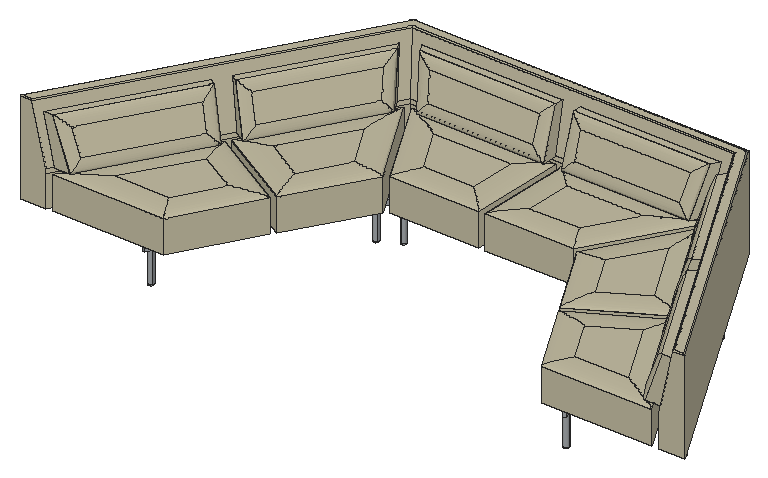
Revit family
Parameters
  URL = "http://www.martinbrattrud.com"
  SCS Certified Product = "Yes"
  Model = "Reveal 981-165 A"
  Manufacturer = "Martin Brattrud, Inc."
  Leg = none
  Keynote = "125000"
  Copyright = "© 2013 Martin Brattrud, Inc."
  Chair [instance] = none
  Back Cushion [instance] = none
  Authoring Version = "Revit Architecture 2010"
  Assembly Code = "E2020200"
Reference planes
  plane 1 "Center Front/Back": y = 0
  plane 2: z = 0
  plane 3 "Center Left/Right": x = 0
  plane 4: z = 806.45
  plane 5: z = 742.95
Forms (mm)
  Sweep 1, solid, material <- "Chair"
    path in 3D
      loop
        line (-19.05, -390.525, 431.8) -> (-19.05, 212.725, 431.8) -> (-926.137, 212.725, 431.8) -> (-577.85, -390.525, 431.8) -> (-19.05, -390.525, 431.8)
    profile origin (-298.45, -390.525, 431.8) x (0, 1, 0) y (0, 0, 1)
      loop
        line (153.194, 0) -> (153.194, 19.05)
        spline (153.194, 19.05) -> (133.302, 18.887) -> (113.75, 18.401) -> (94.873, 17.6) -> (76.994, 16.498) -> (60.419, 15.113) -> (45.431, 13.47) -> (32.287, 11.597) -> (21.211, 9.525) -> (12.395, 7.29) -> (5.987, 4.931) -> (2.098, 2.487) -> (0.794, 0)
        line (0.794, 0) -> (153.194, 0)
  Extrusion 2, solid, material <- "Leg"
    sketch origin (0, 0, 0) x (1, 0, 0) y (0, 1, 0)
      loop
        line (-603.25, 365.125) -> (-603.25, 146.05) -> (-909.639, 146.05) -> (-1062.833, -119.29) -> (-1252.558, -9.753) -> (-1262.083, -26.251) -> (-1072.358, -135.788) -> (-1656.558, -1147.652) -> (-1846.283, -1038.115) -> (-1855.808, -1054.613) -> (-1319.63, -1364.175) -> (-1333.917, -1388.922) -> (-1317.419, -1398.447) -> (-667.671, -273.05) -> (667.671, -273.05) -> (1317.419, -1398.447) -> (1333.917, -1388.922) -> (1319.63, -1364.175) -> (1855.808, -1054.613) -> (1846.283, -1038.115) -> (1656.558, -1147.652) -> (1072.358, -135.788) -> (1262.083, -26.251) -> (1252.558, -9.753) -> (1062.833, -119.29) -> (909.639, 146.05) -> (603.25, 146.05) -> (603.25, 365.125) -> (584.2, 365.125) -> (584.2, 146.05) -> (-584.2, 146.05) -> (-584.2, 365.125) -> (-603.25, 365.125)
      loop
        line (-584.2, -254) -> (-127, -254) -> (-127, 127) -> (-584.2, 127) -> (-584.2, -254)
      loop
        line (-603.25, -254) -> (-603.25, 127) -> (-898.64, 127) -> (-1046.335, -128.815) -> (-716.38, -319.315) -> (-678.67, -254) -> (-603.25, -254)
      loop
        line (-107.95, 127) -> (-107.95, -254) -> (107.95, -254) -> (107.95, 127) -> (-107.95, 127)
      loop
        line (584.2, -254) -> (584.2, 127) -> (127, 127) -> (127, -254) -> (584.2, -254)
      loop
        line (-725.905, -335.813) -> (-1055.86, -145.313) -> (-1284.46, -541.26) -> (-954.505, -731.76) -> (-725.905, -335.813)
      loop
        line (-1401.935, -744.733) -> (-1071.98, -935.233) -> (-964.03, -748.258) -> (-1293.985, -557.758) -> (-1401.935, -744.733)
      loop
        line (-1081.505, -951.731) -> (-1411.46, -761.231) -> (-1640.06, -1157.177) -> (-1310.105, -1347.677) -> (-1081.505, -951.731)
      loop
        line (603.25, -254) -> (678.67, -254) -> (716.38, -319.315) -> (1046.335, -128.815) -> (898.64, 127) -> (603.25, 127) -> (603.25, -254)
      loop
        line (725.905, -335.813) -> (954.505, -731.76) -> (1284.46, -541.26) -> (1055.86, -145.313) -> (725.905, -335.813)
      loop
        line (1401.935, -744.733) -> (1293.985, -557.758) -> (964.03, -748.258) -> (1071.98, -935.233) -> (1401.935, -744.733)
      loop
        line (1081.505, -951.731) -> (1310.105, -1347.677) -> (1640.06, -1157.177) -> (1411.46, -761.231) -> (1081.505, -951.731)
    from 190.472 to 228.6
  Extrusion 3, solid, material <- "Leg"
    sketch origin (0, 0, 0) x (1, 0, 0) y (0, 1, 0)
      loop
        line (-584.2, 276.225) -> (584.2, 276.225) -> (584.2, 352.425) -> (-584.2, 352.425) -> (-584.2, 276.225)
      loop
        line (-1769.293, -1082.565) -> (-1185.093, -70.701) -> (-1251.084, -32.601) -> (-1835.284, -1044.465) -> (-1769.293, -1082.565)
      loop
        line (1769.293, -1082.565) -> (1835.284, -1044.465) -> (1251.084, -32.601) -> (1185.093, -70.701) -> (1769.293, -1082.565)
    from 203.2 to 228.6
  Sweep 4, solid, material <- "Chair"
    path origin (0, 0, 0) x (1, 0, 0) y (0, 1, 0)
      loop
        line (2090.574, -1410.441) -> (1050.786, 390.525) -> (-1050.786, 390.525) -> (-2090.574, -1410.441)
    profile origin (0, 390.525, 0) x (0, -1, 0) y (0, 0, 1)
      loop
        line (0, 806.45) -> (0, 228.6) -> (139.7, 228.6) -> (139.7, 425.224)
        arc (139.7, 425.224) -> (138.99, 439.189) -> (136.866, 453.01) r 137.64
        line (136.866, 453.01) -> (64.015, 806.45) -> (0, 806.45)
  Extrusion 5, solid, material <- "Chair"
    sketch origin (0, 0, 0) x (1, 0, 0) y (0, 1, 0)
      loop
        line (-1431.725, -624.881) -> (-1885.269, -1410.441) -> (-1188.696, -1410.441) -> (-909.296, -926.506) -> (-1431.725, -624.881)
      loop
        line (-610.846, -409.575) -> (-959.132, 193.675) -> (-1412.675, -591.885) -> (-890.246, -893.51) -> (-610.846, -409.575)
      loop
        line (-926.137, 212.725) -> (-577.85, -390.525) -> (-19.05, -390.525) -> (-19.05, 212.725) -> (-926.137, 212.725)
      loop
        line (1431.725, -624.881) -> (909.296, -926.506) -> (1188.696, -1410.441) -> (1885.269, -1410.441) -> (1431.725, -624.881)
      loop
        line (610.846, -409.575) -> (890.246, -893.51) -> (1412.675, -591.885) -> (959.132, 193.675) -> (610.846, -409.575)
      loop
        line (926.137, 212.725) -> (19.05, 212.725) -> (19.05, -390.525) -> (577.85, -390.525) -> (926.137, 212.725)
    from 228.6 to 431.8
  Extrusion 6, solid, material <- "Chair"
    sketch origin (0, 0, 0) x (1, 0, 0) y (0, 1, 0)
      loop
        line (-660.797, 59.531) -> (-489.404, -237.331) -> (-172.244, -237.331) -> (-172.244, 59.531) -> (-660.797, 59.531)
    from 431.8 to 450.85
  Sweep 7, solid, material <- "Chair"
    path in 3D
      loop
        line (19.05, -390.525, 431.8) -> (19.05, 212.725, 431.8) -> (926.137, 212.725, 431.8) -> (577.85, -390.525, 431.8) -> (19.05, -390.525, 431.8)
    profile origin (298.45, -390.525, 431.8) x (0, -1, 0) y (0, 0, 1)
      loop
        line (-153.194, 0) -> (-0.794, 0)
        spline (-0.794, 0) -> (-2.098, 2.487) -> (-5.987, 4.931) -> (-12.395, 7.29) -> (-21.211, 9.525) -> (-32.287, 11.597) -> (-45.431, 13.47) -> (-60.419, 15.113) -> (-76.994, 16.498) -> (-94.873, 17.6) -> (-113.75, 18.401) -> (-133.302, 18.887) -> (-153.194, 19.05)
        line (-153.194, 19.05) -> (-153.194, 0)
  Extrusion 8, solid, material <- "Chair"
    sketch origin (0, 0, 0) x (-1, 0, 0) y (0, -1, 0)
      loop
        line (-660.797, -59.531) -> (-172.244, -59.531) -> (-172.244, 237.331) -> (-489.404, 237.331) -> (-660.797, -59.531)
    from 431.8 to 450.85
  Sweep 9, solid, material <- "Chair"
    path in 3D
      loop
        line (-909.296, -926.506, 431.8) -> (-1431.725, -624.881, 431.8) -> (-1885.269, -1410.441, 431.8) -> (-1188.696, -1410.441, 431.8) -> (-909.296, -926.506, 431.8)
    profile origin (-1048.996, -1168.473, 431.8) x (-0.866025, 0.5, 0) y (0, 0, 1)
      loop
        line (153.194, 0) -> (153.194, 19.05)
        spline (153.194, 19.05) -> (133.302, 18.887) -> (113.75, 18.401) -> (94.873, 17.6) -> (76.994, 16.498) -> (60.419, 15.113) -> (45.431, 13.47) -> (32.287, 11.597) -> (21.211, 9.525) -> (12.395, 7.29) -> (5.987, 4.931) -> (2.098, 2.487) -> (0.794, 0)
        line (0.794, 0) -> (153.194, 0)
  Extrusion 10, solid, material <- "Chair"
    sketch origin (-1237.975, -714.745, 0) x (0.5, 0.866025, 0) y (-0.866025, 0.5, 0)
      loop
        line (-660.797, 59.531) -> (-489.404, -237.331) -> (-172.244, -237.331) -> (-172.244, 59.531) -> (-660.797, 59.531)
    from 431.8 to 450.85
  Sweep 11, solid, material <- "Chair"
    path in 3D
      loop
        line (-890.246, -893.51, 431.8) -> (-1412.675, -591.885, 431.8) -> (-959.132, 193.675, 431.8) -> (-610.846, -409.575, 431.8) -> (-890.246, -893.51, 431.8)
    profile origin (-750.546, -651.542, 431.8) x (0.866025, -0.5, 0) y (0, 0, 1)
      loop
        line (-153.194, 0) -> (-0.794, 0)
        spline (-0.794, 0) -> (-2.098, 2.487) -> (-5.987, 4.931) -> (-12.395, 7.29) -> (-21.211, 9.525) -> (-32.287, 11.597) -> (-45.431, 13.47) -> (-60.419, 15.113) -> (-76.994, 16.498) -> (-94.873, 17.6) -> (-113.75, 18.401) -> (-133.302, 18.887) -> (-153.194, 19.05)
        line (-153.194, 19.05) -> (-153.194, 0)
  Extrusion 12, solid, material <- "Chair"
    sketch origin (-1237.975, -714.745, 0) x (-0.5, -0.866025, 0) y (0.866025, -0.5, 0)
      loop
        line (-660.797, -59.531) -> (-172.244, -59.531) -> (-172.244, 237.331) -> (-489.404, 237.331) -> (-660.797, -59.531)
    from 431.8 to 450.85
  Sweep 13, solid, material <- "Chair"
    path in 3D
      loop
        line (909.296, -926.506, 431.8) -> (1431.725, -624.881, 431.8) -> (1885.269, -1410.441, 431.8) -> (1188.696, -1410.441, 431.8) -> (909.296, -926.506, 431.8)
    profile origin (1048.996, -1168.473, 431.8) x (-0.866025, -0.5, 0) y (0, 0, 1)
      loop
        line (-153.194, 0) -> (-0.794, 0)
        spline (-0.794, 0) -> (-2.098, 2.487) -> (-5.987, 4.931) -> (-12.395, 7.29) -> (-21.211, 9.525) -> (-32.287, 11.597) -> (-45.431, 13.47) -> (-60.419, 15.113) -> (-76.994, 16.498) -> (-94.873, 17.6) -> (-113.75, 18.401) -> (-133.302, 18.887) -> (-153.194, 19.05)
        line (-153.194, 19.05) -> (-153.194, 0)
  Extrusion 14, solid, material <- "Chair"
    sketch origin (1237.975, -714.745, 0) x (-0.5, 0.866025, 0) y (-0.866025, -0.5, 0)
      loop
        line (-660.797, -59.531) -> (-172.244, -59.531) -> (-172.244, 237.331) -> (-489.404, 237.331) -> (-660.797, -59.531)
    from 431.8 to 450.85
  Sweep 15, solid, material <- "Chair"
    path in 3D
      loop
        line (890.246, -893.51, 431.8) -> (1412.675, -591.885, 431.8) -> (959.132, 193.675, 431.8) -> (610.846, -409.575, 431.8) -> (890.246, -893.51, 431.8)
    profile origin (750.546, -651.542, 431.8) x (0.866025, 0.5, 0) y (0, 0, 1)
      loop
        line (153.194, 0) -> (153.194, 19.05)
        spline (153.194, 19.05) -> (133.302, 18.887) -> (113.75, 18.401) -> (94.873, 17.6) -> (76.994, 16.498) -> (60.419, 15.113) -> (45.431, 13.47) -> (32.287, 11.597) -> (21.211, 9.525) -> (12.395, 7.29) -> (5.987, 4.931) -> (2.098, 2.487) -> (0.794, 0)
        line (0.794, 0) -> (153.194, 0)
  Extrusion 16, solid, material <- "Chair"
    sketch origin (1237.975, -714.745, 0) x (0.5, -0.866025, 0) y (0.866025, 0.5, 0)
      loop
        line (-660.797, 59.531) -> (-489.404, -237.331) -> (-172.244, -237.331) -> (-172.244, 59.531) -> (-660.797, 59.531)
    from 431.8 to 450.85
  Sweep 17, solid, material <- "Chair"
    path origin (0, 0, 0) x (1, 0, 0) y (0, 1, 0)
      loop
        line (-1970.603, -1381.855) -> (-999.053, 300.919) -> (999.053, 300.919) -> (1973.778, -1387.354)
    profile origin (0, 300.919, 0) x (0, 1, 0) y (0, 0, 1)
      loop
        line (-48.848, 447.17) -> (11.395, 742.938) -> (-40.04, 742.938) -> (-136.165, 447.17) -> (-48.848, 447.17)
  Extrusion 18, void
    sketch origin (0, 0, 0) x (1, 0, 0) y (0, 1, 0)
      loop
        line (-1537.023, -608.081) -> (-1401.282, -686.451) -> (-1344.132, -587.464) -> (-1479.873, -509.095) -> (-1537.023, -608.081)
      loop
        line (-930.152, 67.28) -> (-831.165, 124.43) -> (-956.138, 340.89) -> (-1055.125, 283.74) -> (-930.152, 67.28)
      loop
        line (-1797.28, -1372.341) -> (-1984.46, -1372.341) -> (-1984.46, -1467.591) -> (-1797.28, -1467.591) -> (-1797.28, -1372.341)
      loop
        line (1549.316, -600.984) -> (1492.166, -501.997) -> (1344.132, -587.464) -> (1401.282, -686.451) -> (1549.316, -600.984)
      loop
        line (930.152, 67.28) -> (1063.321, 297.935) -> (964.334, 355.085) -> (831.165, 124.43) -> (930.152, 67.28)
      loop
        line (1797.28, -1372.341) -> (1797.28, -1467.591) -> (1991.491, -1467.591) -> (1991.491, -1372.341) -> (1797.28, -1372.341)
      loop
        line (-57.15, 312.315) -> (-57.15, 155.575) -> (57.15, 155.575) -> (57.15, 312.315) -> (-57.15, 312.315)
    from 447.17 to 844.552
  Sweep 19, solid, material <- "Chair"
    path in 3D
      loop
        line (2035.136, -1442.448, 806.45) -> (1013.827, 326.51, 806.45) -> (-1013.827, 326.51, 806.45) -> (-2035.136, -1442.448, 806.45)
    profile origin (0, 326.51, 806.45) x (0, -1, 0) y (0, 0, 1)
      loop
        line (-7.144, 6.35) -> (-56.78, 6.35)
        arc (-56.78, 6.35) -> (-61.27, 4.49) -> (-63.13, 0) r 6.35
        line (-63.13, 0) -> (-0.794, 0)
        arc (-0.794, 0) -> (-2.654, 4.49) -> (-7.144, 6.35) r 6.35
  Extrusion 20, void
    sketch origin (0, -938.609, 0) x (0, 1, 0) y (0, 0, 1)
      loop
        line (-471.831, 806.45) -> (-471.037, 806.45)
        arc (-471.037, 806.45) -> (-469.178, 810.94) -> (-464.687, 812.8) r 6.35
        line (-464.687, 812.8) -> (-464.687, 819.15) -> (-560.731, 819.15) -> (-560.731, 0) -> (-471.831, 0) -> (-471.831, 806.45)
    from -2133.6 to 2133.6
  Sweep 21, solid
    path in 3D
      loop
        line (-57.15, 260.879, 742.938) -> (-57.15, 164.755, 447.17) -> (-854.447, 164.755, 447.17) -> (-909.944, 260.879, 742.938) -> (-57.15, 260.879, 742.938)
    profile origin (-483.547, 260.879, 742.938) x (0, 1, 0) y (0, 0, 1)
      loop
        spline (0, 0) -> (-2.005, -0.005) -> (-4.362, -1.199) -> (-7.03, -3.56) -> (-9.964, -7.049) -> (-13.114, -11.605) -> (-16.426, -17.151) -> (-19.842, -23.592) -> (-23.306, -30.818) -> (-26.757, -38.705) -> (-30.136, -47.117) -> (-33.386, -55.912) -> (-36.451, -64.938)
        line (-36.451, -64.938) -> (-59.022, -134.388) -> (-45.142, -138.899) -> (0, 0)
  Extrusion 22, solid
    sketch origin (0, 0, 0) x (0, 1, 0) y (0, 0, 1)
      loop
        line (209.897, 586.069) -> (215.737, 604.039) -> (201.857, 608.55) -> (196.017, 590.58) -> (209.897, 586.069)
    from -735.524 to -203.2
  Sweep 23, solid
    path in 3D
      loop
        line (57.15, 260.879, 742.938) -> (57.15, 164.755, 447.17) -> (854.447, 164.755, 447.17) -> (909.944, 260.879, 742.938) -> (57.15, 260.879, 742.938)
    profile origin (483.547, 260.879, 742.938) x (0, -1, 0) y (0, 0, 1)
      loop
        line (0, 0) -> (45.142, -138.899) -> (59.022, -134.388) -> (36.451, -64.938)
        spline (36.451, -64.938) -> (33.386, -55.912) -> (30.136, -47.117) -> (26.757, -38.705) -> (23.306, -30.818) -> (19.842, -23.592) -> (16.426, -17.151) -> (13.114, -11.605) -> (9.964, -7.049) -> (7.03, -3.56) -> (4.362, -1.199) -> (2.005, -0.005) -> (0, 0)
  Extrusion 24, solid
    sketch origin (0, 0, 0) x (0, 1, 0) y (0, 0, -1)
      loop
        line (209.897, -586.069) -> (196.017, -590.58) -> (201.857, -608.55) -> (215.737, -604.039) -> (209.897, -586.069)
    from -735.524 to -203.2
  Sweep 25, solid
    path in 3D
      loop
        line (-1492.478, -633.799, 742.938) -> (-1409.232, -681.861, 447.17) -> (-1807.881, -1372.341, 447.17) -> (-1918.875, -1372.341, 742.938) -> (-1492.478, -633.799, 742.938)
    profile origin (-1705.677, -1003.07, 742.938) x (-0.866025, 0.5, 0) y (0, 0, 1)
      loop
        spline (0, 0) -> (-2.005, -0.005) -> (-4.362, -1.199) -> (-7.03, -3.56) -> (-9.964, -7.049) -> (-13.114, -11.605) -> (-16.426, -17.151) -> (-19.842, -23.592) -> (-23.306, -30.818) -> (-26.757, -38.705) -> (-30.136, -47.117) -> (-33.386, -55.912) -> (-36.451, -64.938)
        line (-36.451, -64.938) -> (-59.022, -134.388) -> (-45.142, -138.899) -> (0, 0)
  Extrusion 26, solid
    sketch origin (-1237.975, -714.745, 0) x (-0.866025, 0.5, 0) y (0, 0, 1)
      loop
        line (209.897, 586.069) -> (215.737, 604.039) -> (201.857, 608.55) -> (196.017, 590.58) -> (209.897, 586.069)
    from -735.524 to -203.2
  Sweep 27, solid
    path in 3D
      loop
        line (-1435.328, -534.812, 742.938) -> (-1352.082, -582.874, 447.17) -> (-953.434, 107.605, 447.17) -> (-1008.931, 203.729, 742.938) -> (-1435.328, -534.812, 742.938)
    profile origin (-1222.13, -165.541, 742.938) x (0.866025, -0.5, 0) y (0, 0, 1)
      loop
        line (0, 0) -> (45.142, -138.899) -> (59.022, -134.388) -> (36.451, -64.938)
        spline (36.451, -64.938) -> (33.386, -55.912) -> (30.136, -47.117) -> (26.757, -38.705) -> (23.306, -30.818) -> (19.842, -23.592) -> (16.426, -17.151) -> (13.114, -11.605) -> (9.964, -7.049) -> (7.03, -3.56) -> (4.362, -1.199) -> (2.005, -0.005) -> (0, 0)
  Extrusion 28, solid
    sketch origin (-1237.975, -714.745, 0) x (-0.866025, 0.5, 0) y (0, 0, -1)
      loop
        line (209.897, -586.069) -> (196.017, -590.58) -> (201.857, -608.55) -> (215.737, -604.039) -> (209.897, -586.069)
    from -735.524 to -203.2
  Sweep 29, solid
    path in 3D
      loop
        line (1492.478, -633.799, 742.938) -> (1409.232, -681.861, 447.17) -> (1807.881, -1372.341, 447.17) -> (1918.875, -1372.341, 742.938) -> (1492.478, -633.799, 742.938)
    profile origin (1705.677, -1003.07, 742.938) x (-0.866025, -0.5, 0) y (0, 0, 1)
      loop
        line (0, 0) -> (45.142, -138.899) -> (59.022, -134.388) -> (36.451, -64.938)
        spline (36.451, -64.938) -> (33.386, -55.912) -> (30.136, -47.117) -> (26.757, -38.705) -> (23.306, -30.818) -> (19.842, -23.592) -> (16.426, -17.151) -> (13.114, -11.605) -> (9.964, -7.049) -> (7.03, -3.56) -> (4.362, -1.199) -> (2.005, -0.005) -> (0, 0)
  Sweep 30, solid
    path in 3D
      loop
        line (1435.328, -534.812, 742.938) -> (1352.082, -582.874, 447.17) -> (953.434, 107.605, 447.17) -> (1008.931, 203.729, 742.938) -> (1435.328, -534.812, 742.938)
    profile origin (1222.13, -165.541, 742.938) x (0.866025, 0.5, 0) y (0, 0, 1)
      loop
        spline (0, 0) -> (-2.005, -0.005) -> (-4.362, -1.199) -> (-7.03, -3.56) -> (-9.964, -7.049) -> (-13.114, -11.605) -> (-16.426, -17.151) -> (-19.842, -23.592) -> (-23.306, -30.818) -> (-26.757, -38.705) -> (-30.136, -47.117) -> (-33.386, -55.912) -> (-36.451, -64.938)
        line (-36.451, -64.938) -> (-59.022, -134.388) -> (-45.142, -138.899) -> (0, 0)
  Extrusion 31, solid
    sketch origin (1237.975, -714.745, 0) x (0.866025, 0.5, 0) y (0, 0, 1)
      loop
        line (209.897, 586.069) -> (215.737, 604.039) -> (201.857, 608.55) -> (196.017, 590.58) -> (209.897, 586.069)
    from -735.524 to -203.2
  Extrusion 32, solid
    sketch origin (1237.975, -714.745, 0) x (0.866025, 0.5, 0) y (0, 0, -1)
      loop
        line (209.897, -586.069) -> (196.017, -590.58) -> (201.857, -608.55) -> (215.737, -604.039) -> (209.897, -586.069)
    from -735.524 to -203.2
Cuts and joins
  Extrusion 18 cuts Sweep 17
  Extrusion 20 cuts Sweep 13
  Extrusion 20 cuts Extrusion 14
  joined: Sweep 13, Extrusion 14
  joined: Sweep 15, Extrusion 16
  joined: Sweep 7, Extrusion 8
  joined: Sweep 1, Extrusion 6
  joined: Sweep 11, Extrusion 12
  Extrusion 20 cuts Sweep 9
  Extrusion 20 cuts Extrusion 10
  joined: Sweep 9, Extrusion 10
  Extrusion 20 cuts Sweep 4
  Extrusion 20 cuts Extrusion 5
  Extrusion 20 cuts Sweep 19
  joined: Sweep 21, Extrusion 22
  joined: Sweep 23, Extrusion 24
  joined: Sweep 27, Extrusion 28
  joined: Sweep 25, Extrusion 26
  joined: Sweep 30, Extrusion 31
  joined: Sweep 29, Extrusion 32
Lines and regions (mm)
  sketch lines
    curve 1: line (-577.85, -390.525, 431.8) -> (-19.05, -390.525, 431.8)
    curve 2: line (-926.137, 212.725, 431.8) -> (-577.85, -390.525, 431.8)
    curve 3: line (-19.05, 212.725, 431.8) -> (-926.137, 212.725, 431.8)
    curve 4: line (-19.05, -390.525, 431.8) -> (-19.05, 212.725, 431.8)
    curve 5: line (577.85, -390.525, 431.8) -> (19.05, -390.525, 431.8)
    curve 6: line (926.137, 212.725, 431.8) -> (577.85, -390.525, 431.8)
    curve 7: line (19.05, 212.725, 431.8) -> (926.137, 212.725, 431.8)
    curve 8: line (19.05, -390.525, 431.8) -> (19.05, 212.725, 431.8)
    curve 9: line (-1188.696, -1410.441, 431.8) -> (-909.296, -926.506, 431.8)
    curve 10: line (-1885.269, -1410.441, 431.8) -> (-1188.696, -1410.441, 431.8)
    curve 11: line (-1431.725, -624.881, 431.8) -> (-1885.269, -1410.441, 431.8)
    curve 12: line (-909.296, -926.506, 431.8) -> (-1431.725, -624.881, 431.8)
    curve 13: line (-610.846, -409.575, 431.8) -> (-890.246, -893.51, 431.8)
    curve 14: line (-959.132, 193.675, 431.8) -> (-610.846, -409.575, 431.8)
    curve 15: line (-1412.675, -591.885, 431.8) -> (-959.132, 193.675, 431.8)
    curve 16: line (-890.246, -893.51, 431.8) -> (-1412.675, -591.885, 431.8)
    curve 17: line (1188.696, -1410.441, 431.8) -> (909.296, -926.506, 431.8)
    curve 18: line (1885.269, -1410.441, 431.8) -> (1188.696, -1410.441, 431.8)
    curve 19: line (1431.725, -624.881, 431.8) -> (1885.269, -1410.441, 431.8)
    curve 20: line (909.296, -926.506, 431.8) -> (1431.725, -624.881, 431.8)
    curve 21: line (610.846, -409.575, 431.8) -> (890.246, -893.51, 431.8)
    curve 22: line (959.132, 193.675, 431.8) -> (610.846, -409.575, 431.8)
    curve 23: line (1412.675, -591.885, 431.8) -> (959.132, 193.675, 431.8)
    curve 24: line (890.246, -893.51, 431.8) -> (1412.675, -591.885, 431.8)
    curve 25: line (1013.827, 326.51, 806.45) -> (-1013.827, 326.51, 806.45)
    curve 26: line (-1013.827, 326.51, 806.45) -> (-2035.136, -1442.448, 806.45)
    curve 27: line (2035.136, -1442.448, 806.45) -> (1013.827, 326.51, 806.45)
    curve 28: line (-909.944, 260.879, 742.938) -> (-57.15, 260.879, 742.938)
    curve 29: line (-909.944, 260.879, 742.938) -> (-854.447, 164.755, 447.17)
    curve 30: line (-854.447, 164.755, 447.17) -> (-57.15, 164.755, 447.17)
    curve 31: line (-57.15, 164.755, 447.17) -> (-57.15, 260.879, 742.938)
    curve 32: line (909.944, 260.879, 742.938) -> (57.15, 260.879, 742.938)
    curve 33: line (909.944, 260.879, 742.938) -> (854.447, 164.755, 447.17)
    curve 34: line (854.447, 164.755, 447.17) -> (57.15, 164.755, 447.17)
    curve 35: line (57.15, 164.755, 447.17) -> (57.15, 260.879, 742.938)
    curve 36: line (-1918.875, -1372.341, 742.938) -> (-1492.478, -633.799, 742.938)
    curve 37: line (-1918.875, -1372.341, 742.938) -> (-1807.881, -1372.341, 447.17)
    curve 38: line (-1807.881, -1372.341, 447.17) -> (-1409.232, -681.861, 447.17)
    curve 39: line (-1409.232, -681.861, 447.17) -> (-1492.478, -633.799, 742.938)
    curve 40: line (-1008.931, 203.729, 742.938) -> (-1435.328, -534.812, 742.938)
    curve 41: line (-1008.931, 203.729, 742.938) -> (-953.434, 107.605, 447.17)
    curve 42: line (-953.434, 107.605, 447.17) -> (-1352.082, -582.874, 447.17)
    curve 43: line (-1352.082, -582.874, 447.17) -> (-1435.328, -534.812, 742.938)
    curve 44: line (1918.875, -1372.341, 742.938) -> (1492.478, -633.799, 742.938)
    curve 45: line (1918.875, -1372.341, 742.938) -> (1807.881, -1372.341, 447.17)
    curve 46: line (1807.881, -1372.341, 447.17) -> (1409.232, -681.861, 447.17)
    curve 47: line (1409.232, -681.861, 447.17) -> (1492.478, -633.799, 742.938)
    curve 48: line (1008.931, 203.729, 742.938) -> (1435.328, -534.812, 742.938)
    curve 49: line (1008.931, 203.729, 742.938) -> (953.434, 107.605, 447.17)
    curve 50: line (953.434, 107.605, 447.17) -> (1352.082, -582.874, 447.17)
    curve 51: line (1352.082, -582.874, 447.17) -> (1435.328, -534.812, 742.938)
Dimensions and locks
  aligned and locked: Extrusion 22 sketch curve to Sweep 21
  aligned and locked: Extrusion 26 sketch curve to Sweep 25
Nested families
  nested 1: "Reveal Leg" at (-593.725, 320.675, 0), type "Reveal Leg"
  nested 2: "Reveal Leg" at (593.725, 320.675, 0) x (-1, 0, 0) z (0, 0, 1), type "Reveal Leg"
  nested 3: "Reveal Leg" at (593.677, -263.525, 0) x (-1, 0, 0) z (0, 0, 1), type "Reveal Leg"
  nested 4: "Reveal Leg" at (-593.677, -263.525, 0), type "Reveal Leg"
  nested 5: "Reveal Leg" at (-712.917, -332.368, 0) x (-0.5, -0.866, 0) z (0, 0, 1), type "Reveal Leg"
  nested 6: "Reveal Leg" at (-1306.594, -1360.647, 0) x (0.5, 0.866, 0) z (0, 0, 1), type "Reveal Leg"
  nested 7: "Reveal Leg" at (712.917, -332.368, 0) x (0.5, -0.866, 0) z (0, 0, 1), type "Reveal Leg"
  nested 8: "Reveal Leg" at (1306.594, -1360.647, 0) x (-0.5, 0.866, 0) z (0, 0, 1), type "Reveal Leg"
  nested 9: "Reveal Leg" at (-1812.55, -1068.589, 0) x (0.5, 0.866, 0) z (0, 0, 1), type "Reveal Leg"
  nested 10: "Reveal Leg" at (-1218.825, -40.227, 0) x (-0.5, -0.866, 0) z (0, 0, 1), type "Reveal Leg"
  nested 11: "Reveal Leg" at (1812.55, -1068.589, 0) x (-0.5, 0.866, 0) z (0, 0, 1), type "Reveal Leg"
  nested 12: "Reveal Leg" at (1218.825, -40.227, 0) x (0.5, -0.866, 0) z (0, 0, 1), type "Reveal Leg"
Definition of nested family "Reveal Leg"
  Parameters
    URL = "http://www.martinbrattrud.com"
    SCS Certified Product = ""
    Model = ""
    Leg = none
    Manufacturer = "Martin Brattrud, Inc."
    Keynote = "125000"
    Copyright = "© 2013 Martin Brattrud, Inc."
    Authoring Version = "Revit Architecture 2010"
    Assembly Code = "E2020200"
  Reference planes
    plane 1 "Center Front/Back": y = 0
    plane 2: z = 0
    plane 3 "Center Left/Right": x = 0
    plane 4: z = 228.6
  Forms (mm)
    Revolve 1, solid, material <- "Leg"
      sketch origin (0, 0, 0) x (0, 1, 0) y (0, 0, 1)
        loop
          line (0, 228.6) -> (-15.875, 228.6) -> (-15.875, 6.35) -> (-6.35, 6.35) -> (-6.35, 3.175) -> (-15.875, 3.175) -> (-15.875, 0) -> (0, 0) -> (0, 228.6)
        axis (0, 228.6) -> (0, 0)
      angle from 0 to 360
